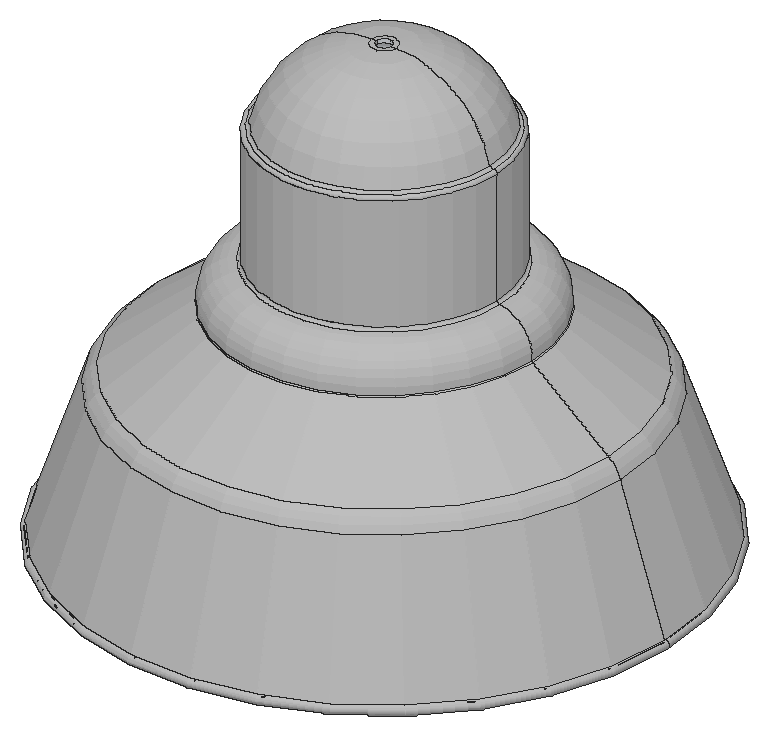
Revit family "SBW10718 SHADE", category Lighting Fixtures, Revit 2024
Family settings
  Round Connector Dimension = Use Diameter
  Part Type = Normal
  OmniClass Number = 23.80.70.00
  OmniClass Title = Lighting
  Work Plane-Based = No
  Always vertical = Yes
  Cut with Voids When Loaded = No
  Light Source = Yes
  Maintain Annotation Orientation = No
  Shared = No
  Room Calculation Point = No
Parameters
  Wattage = 12.1178 W
  built-in parameter 1150110 = 1 (stored number, unit not read)
  built-in parameter 1114217 = 1 (stored number, unit not read)
  built-in parameter 1150109 = 1 (stored number, unit not read)
  built-in parameter 1150134 = (empty or 0)
  built-in parameter 1150113 = 1 (stored number, unit not read)
  Lumens = 1800 lm
  built-in parameter 1150115 = 1 (stored number, unit not read)
  built-in parameter 1150105 = 572.96 (stored number, unit not read)
  Light Source Symbol Size = 2' - 0"
  built-in parameter 1150137 = (empty or 0)
  built-in parameter 1150139 = (empty or 0)
  built-in parameter 1150112 = 1 (stored number, unit not read)
  built-in parameter 1150114 = 1 (stored number, unit not read)
  built-in parameter 1150132 = 2
  built-in parameter 1150102 = (empty or 0)
  built-in parameter 1150138 = (empty or 0)
  built-in parameter 1150107 = 3000 (stored number, unit not read)
  built-in parameter 1150106 = 5.7296 (stored number, unit not read)
  built-in parameter 1150104 = 13.8 (stored number, unit not read)
  Dimming Lamp Color Temperature Shift = (empty or 0)
  Default Elevation = 0' - 0"
  Color Filter = 16777215
  built-in parameter 1114218 = 1 (stored number, unit not read)
  built-in parameter 1150133 = 10 (stored number, unit not read)
Reference planes (in)
  plane 1 "Light Source Axis (F/B)": y = 0
  plane 2: z = 0
  plane 3 "Light Source Axis (L/R)": x = 0
  plane 4 "Light Source Elevation": z = 54
Forms (in)
  Revolve 1, solid
    sketch origin (0, 0, 0) x (1, 0, 0) y (0, 0, 1)
      loop
        arc (-3.43907, 65.6494) -> (-3.51676, 65.62449) -> (-3.55004, 65.55) r 0.1
        line (-3.55004, 65.55) -> (-3.55004, 61.99209)
        arc (-3.55004, 61.99209) -> (-3.57636, 61.92448) -> (-3.64145, 61.89246) r 0.1
        arc (-3.64145, 61.89246) -> (-4.4002, 61.49548) -> (-4.65053, 60.67657) r 1.10988
        arc (-4.65053, 60.67657) -> (-4.65558, 60.65376) -> (-4.67043, 60.63574) r 0.05
        line (-4.67043, 60.63574) -> (-7.07575, 58.823)
        arc (-7.07575, 58.823) -> (-7.30364, 58.59387) -> (-7.45699, 58.30941) r 1.125
        line (-7.45699, 58.30941) -> (-8.84904, 54.28078)
        arc (-8.84904, 54.28078) -> (-8.97115, 54.13874) -> (-8.8453, 54) r 0.14149
        arc (-8.8453, 54) -> (-8.79353, 54.04141) -> (-8.83495, 54.09318) r 0.04687
        arc (-8.83495, 54.09318) -> (-8.8702, 54.16586) -> (-8.78941, 54.16628) r 0.04774
        line (-8.78941, 54.16628) -> (-7.36866, 58.278)
        arc (-7.36866, 58.278) -> (-7.2287, 58.53754) -> (-7.021, 58.74687) r 1.03125
        line (-7.021, 58.74687) -> (-4.61799, 60.55797)
        arc (-4.61799, 60.55797) -> (-4.57131, 60.61268) -> (-4.55697, 60.68314) r 0.14375
        arc (-4.55697, 60.68314) -> (-4.32893, 61.43456) -> (-3.6334, 61.79906) r 1.01613
        arc (-3.6334, 61.79906) -> (-3.50728, 61.8611) -> (-3.45629, 61.99209) r 0.19375
        line (-3.45629, 61.99209) -> (-3.45629, 65.5571)
        arc (-3.45629, 65.5571) -> (-3.3207, 65.58754) -> (-3.24036, 65.70094) r 0.19375
        arc (-3.24036, 65.70094) -> (-2.19069, 67.29649) -> (-0.38038, 67.90505) r 2.92725
        line (-0.38038, 67.90505) -> (-0.2364, 67.90505) -> (-0.2364, 67.9988) -> (-0.38001, 67.9988)
        arc (-0.38001, 67.9988) -> (-2.24807, 67.37063) -> (-3.33121, 65.72409) r 3.021
        arc (-3.33121, 65.72409) -> (-3.37118, 65.66658) -> (-3.43907, 65.6494) r 0.1
      axis (0, 67.9988) -> (0, 54)
    angle from 0 to 360
Dimensions and locks (in)
  aligned and locked: plane 3 "Light Source Axis (L/R)" to imposter light
  aligned and locked: plane 1 "Light Source Axis (F/B)" to imposter light
  aligned and locked: plane 4 "Light Source Elevation" to imposter light
  aligned and locked: level to plane 2
